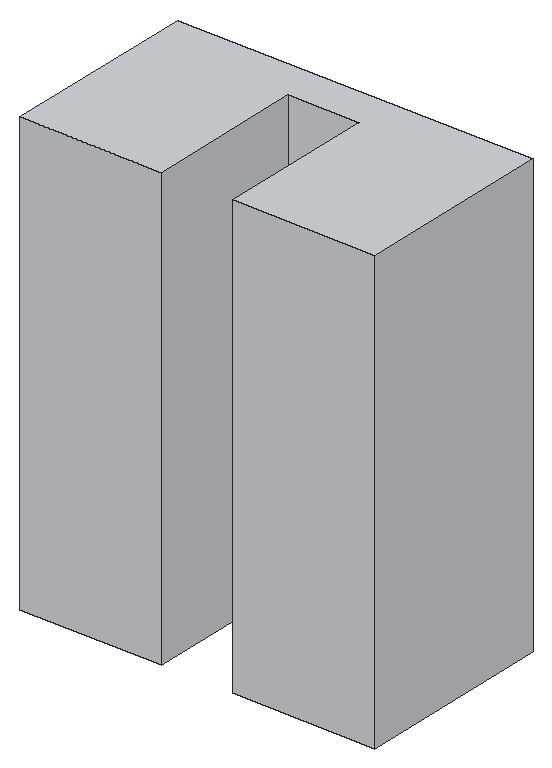
Revit family "Progressive Safety Gear", category Generic Models, Revit 2022
Family settings
  Can host rebar = No
  Round Connector Dimension = Use Diameter
  Part Type = Normal
  Work Plane-Based = No
  Always vertical = Yes
  Cut with Voids When Loaded = No
  Maintain Annotation Orientation = No
  Shared = No
  Room Calculation Point = No
Parameters
  Width = 225 mm
  SafetyGear_RatedSpeed = 1.0 m/s
  SafetyGearType = "Instantaneous"
  Length = 125 mm
  Height = 280 mm
  GuideRailSlot_Width = 45 mm
  GuideRailSlot_Depth = 100 mm
  Default Elevation = 0 mm
Reference planes
  plane 1 "Center (Front/Back)": y = 0
  plane 2: z = 0
  plane 3 "Center (Left/Right)": x = 0
Forms (mm)
  Extrusion 1, solid
    sketch origin (0, 0, 0) x (1, 0, 0) y (0, 1, 0)
      loop
        line (-22.5, 0) -> (-22.5, 100) -> (22.5, 100) -> (22.5, 0) -> (112.5, 0) -> (112.5, 125) -> (-112.5, 125) -> (-112.5, 0) -> (-22.5, 0)
    from 0 to 280
Dimensions and locks
  "Length": Extrusion 1 sketch curve to Extrusion 1 sketch curve
  "Width": Extrusion 1 sketch curve to Extrusion 1 sketch curve
  "GuideRailSlot_Width": Extrusion 1 sketch curve to Extrusion 1 sketch curve
  "GuideRailSlot_Depth": Extrusion 1 sketch curve to Extrusion 1 sketch curve
  equal spacing: Extrusion 1, plane 3 "Center (Left/Right)", Extrusion 1  (x2)
  "Height": Extrusion 1 to Extrusion 1
  aligned and locked: level to plane 2
Automatic sketch dimensions
  plane 1 "Center (Front/Back)" to Extrusion 1 sketch curve = 0 mm  (x2)
  Extrusion 1 sketch curve to plane 3 "Center (Left/Right)" = 112.5 mm
  Extrusion 1 sketch curve to plane 3 "Center (Left/Right)" = 22.5 mm
